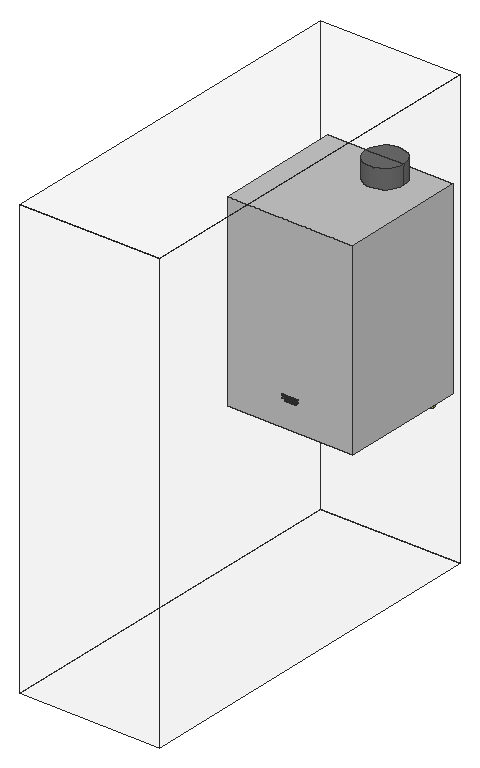
Revit family "Remeha_QuintaAce65_LOD3", category Mechanical Equipment, Revit 2016
Family settings
  Part Type = Normal
  Round Connector Dimension = Use Diameter
  OmniClass Number = 23.75.10.11.14
  OmniClass Title = Hot Water Heat Generators
  Work Plane-Based = No
  Always vertical = Yes
  Cut with Voids When Loaded = Yes
  Shared = No
  Room Calculation Point = No
Parameters (values of type "100/150 Conventional Flue Connection - 100 Connector")
  Weekly = ""
  Water Treatment Required = yes
  Water Content = 6.4 L
  Warranty ID = ""
  Voltage = 230 V
  URL = ""
  Type = "Space heating"
  Turndown Ratio = "5.08:1"
  Text Material = Paint - Black
  Supply Phase = 1
  Starting Current = 0 A
  Sound Pressure Level = "46.7"
  Shipping Weight = 66.50 kg
  Shape = "Rectangular (Vertical)"
  Safety Valve Connection Type = "Unset"
  Safety Valve Connection Size = 0.00 mm
  Responsible Sourcing of Materials = ""
  Responsible Extraction of Materials = ""
  Reference Standard = "GAR 2016/426, BED 92/42/EEC, ErP 2009/125/EC"
  Rated Output = 61500 W
  Rated Criteria = "80/60"
  Quarterly = ""
  Product Range = "Quinta Ace 65"
  Product Model Number = ""
  Product Literature = "https://www.remeha.co.uk/products/wall-hung-range/quinta-ace-30-115"
  Primary Fuel = "Gas - NG"
  Overall Width = 500.00 mm
  Overall Length = 500.00 mm
  Overall Height = 750.00 mm
  Optional Fuel = "LPG"
  Operation and Maintenance Manual = "https://www.remeha.co.uk/products/wall-hung-range/quinta-ace-30-115"
  Oil Consumption rate = 0
  Nominal Oil Inlet Pressure = 0.00000 bar
  Nominal Gas Inlet Pressure = 0.02000 bar
  NOx Emissions = "36"
  Mounting = "Wall Mounted"
  Monthly = ""
  Model = ""
  Minimum Power Consumption = 26 W
  Minimum Operating Pressure = 0.80000 bar
  Minimum Oil Inlet Pressure = 0.00000 bar
  Minimum Gas Inlet Pressure = 0.01700 bar
  Minimum Flow Rate at 20C temperature differential = 0.74 L/s
  Minimum Flow Rate at 11C temperature differential = 1.34 L/s
  Maximum Power Consumption = 89 W
  Maximum Operating Pressure = 4.00000 bar
  Maximum Oil Inlet Pressure = 0.00000 bar
  Maximum Gas Inlet Pressure = 0.02500 bar
  Material Ingredient Reporting = ""
  Manufacturer Website = "www.remeha.co.uk"
  Manufacturer = "Remeha Commercial"
  Maintenance Required 8001 to 12000hrs = ""
  Maintenance Required 601 to 1000hrs = ""
  Maintenance Required 4001 to 8000hrs = ""
  Maintenance Required 301 to 600hrs = ""
  Maintenance Required 2001 to 4000hrs = ""
  Maintenance Required 1001 to 2000hrs = ""
  Maintenance Required 0 to 300hrs = ""
  Location of Manufacturer = ""
  Load Classification = none
  Life Cycle Analysis = ""
  Interlocks = yes
  IfcExportType = "NOTDEFINED"  # constant formula
  IfcExportAs = "IfcBoilerType"  # constant formula
  IP Rating = "X4D"
  IK Rating = "Not Required"
  Hydraulic Resistance at 20C temperature differential = 0.16300 bar
  Hydraulic Resistance at 11C temperature differential = 0.53900 bar
  Heater Operation = "Condensing"
  Heat Exchanger Material = "Aluminium"
  Gross Weight = 62.40 kg
  Green Guide for Specification = ""
  Gas Consumption rate = "6.6"
  Fuse Rating = 2.5 A
  Full Load Current = 0 A
  Fuel Connection Type = "Threaded"
  Fuel Connection Size = 20.00 mm
  Frequency = 50 Hz
  Flue or Air Intake Classification = "B23P,B33,C13,C33,C53,C63,C93"
  Flue Radius = Air Inlet Connection Size / 2  # 75.00 mm
  Flue Connector Size = 100 mm
  Flue Connection size = 100.00 mm
  Flow and Return Connection Type = "Threaded"
  Flow and Return Connection Size = 32.00 mm
  Finish = "High Polish Gardner 60 GRAD 91EH"
  Features = "Remeha's Quinta Pro range are compact high efficiency wall hung condensing boilers. Lighter and more efficienct, their small size make them ideally suited to modular arrangments"
  External Material = "Steel"
  Expected Life = "15"
  ErP Seasonal Efficiency = "94"
  ErP Rated Efficiency at Part Load = "0"
  ErP Rated Efficiency at Full Load = "0"
  ErP Energy Label = "A"
  Environmental Product Declaration = ""
  Energy Technology List = "0"
  Embodied Carbon = ""
  Drain Connection Type = "Unset"
  Drain Connection Size = 25.00 mm
  Description = ""
  Daily = ""
  Control Type = "'0 - 10V, Open Therm, Volt free enable, Direct boiler weather compensating control systems available from Remeha as optional extra's."
  Configuration = "Single boiler"
  Condensate Drain Type = "Plain"
  Condensate Drain Size = 32.00 mm
  Colour = "RAL 9016"
  Clearance Box Visibility [instance] = yes
  Classification.Uniclass.Pr.Number [instance] = "Pr_60_60_08_34"
  Classification.Uniclass.Pr.Description [instance] = "Gas fired Condensing Boilers"
  CE Mark = "0063CS3928"
  Burner Control Type = "Modulating"
  Building Regulations Seasonal Efficiency = "97.58"
  Bespoke Timeframe = ""
  BMS Links = yes
  Annually = "As Per Attached URL O&M Manual"
  Air Inlet Connection Size = 150.00 mm
  Additional Technical Details = "https://www.remeha.co.uk/products/wall-hung-range/quinta-ace-30-115"
  Access Clearance Top = 400.00 mm
  Access Clearance Right = 30.00 mm
  Access Clearance Rear = 0.00 mm
  Access Clearance Left = 30.00 mm
  Access Clearance Front = 1000.00 mm
  Access Clearance Bottom = 600.00 mm
  6 Monthly = ""
Types (2, lengths in mm): name | Flue Connector Size
  100/150 Conventional Flue Connection - 100 Connector | 100
  100/150 Concentric Flue Connection - 150 Connector | 150
Reference planes
  plane 1 "Center (Front/Back)": y = 0
  plane 2: z = 0
  plane 3 "Center (Left/Right)": x = 0
  plane 4: y = -50
  plane 5: y = -75
  plane 6: x = -115
  plane 7: x = 59
  plane 8: x = 119.4
  plane 9: x = 200
  plane 10: x = 250
  plane 11: y = -101
  plane 12: x = -250
  plane 13: y = -500
  plane 14: x = -280
  plane 15: x = 280
  plane 16: y = -1500
  plane 17: y = 0
  plane 18: z = 750
  plane 19: z = 1150
  plane 20: z = -600
  plane 21: z = 824.467
Forms (mm)
  Sweep 1, solid, material "101_240_115"
    path origin (453.507, -50, 3000) x (1, 0, 0) y (0, 0, 1)
      loop
        line (-568.507, -3039.462) -> (-568.507, -3000)
    profile origin (-115, -50, -19.731) x (-1, 0, 0) y (0, -1, 0)
      loop
        circle (0, 0) r 21.2
  Sweep 2, solid
    path origin (453.507, -75, 3000) x (1, 0, 0) y (0, 0, 1)
      loop
        line (-394.507, -3012.462) -> (-394.507, -3000)
    profile origin (59, -75, -6.231) x (-1, 0, 0) y (0, -1, 0)
      loop
        circle (0, 0) r 16.25
  Sweep 3, solid, material "229_0_0"
    path origin (687.907, -50, 3000) x (1, 0, 0) y (0, 0, 1)
      loop
        line (-568.507, -3039.662) -> (-568.507, -3000)
    profile origin (119.4, -50, -19.831) x (-1, 0, 0) y (0, -1, 0)
      loop
        circle (0, 0) r 21.2
  Sweep 4, solid, material "229_229_0"
    path origin (768.507, -50, 3000) x (1, 0, 0) y (0, 0, 1)
      loop
        line (-568.507, -3040) -> (-568.507, -3000)
    profile origin (200, -50, -20) x (-1, 0, 0) y (0, -1, 0)
      loop
        circle (0, 0) r 13.5
  Revolve 5, solid, material "51_51_51"
    sketch origin (453.507, -101, 2990) x (1, 0, 0) y (0, 0, 1)
      loop
        line (-394.507, -2240) -> (-319.507, -2240) -> (-319.507, -2165.533) -> (-394.507, -2165.533) -> (-394.507, -2240)
      axis (-394.507, -2165.533) -> (-394.507, -2240)
    angle from 0 to 360
  Extrusion 6, solid, material "192_192_192"
    sketch origin (0, 5.687, 0) x (1, 0, 0) y (0, 1, 0)
      loop
        line (-250, -5.687) -> (-250, -505.688) -> (250, -505.688) -> (250, -5.687) -> (-250, -5.687)
    from 0 to 750
  Extrusion 7, solid, material "Clearance", visible <- "Clearance Box Visibility"
    sketch origin (0, 0, 0) x (1, 0, 0) y (0, 1, 0)
      loop
        line (-280, 0) -> (-280, -1500) -> (280, -1500) -> (280, 0) -> (-280, 0)
    from -600 to 1150
  Extrusion 8, solid, material "Paint - Black" <- "Text Material"
    sketch origin (0, 0, 0) x (1, 0, 0) y (0, 0, 1)
      loop
        line (-30.625, 120.395) -> (-30.625, 118.213) -> (30.625, 118.213) -> (30.625, 120.395) -> (-30.625, 120.395)
      loop
        line (-30.625, 106.032) -> (30.625, 106.032) -> (30.625, 108.213) -> (-30.625, 108.213) -> (-30.625, 106.032)
      loop
        line (-28.307, 116.676) -> (-28.307, 109.282) -> (-20.805, 109.282) -> (-20.805, 112.183) -> (-19.053, 112.183)
        arc (-19.053, 112.183) -> (-18.314, 111.847) -> (-18.083, 111.068) r 0.979
        arc (-18.083, 111.068) -> (-18.083, 110.157) -> (-17.832, 109.282) r 3.272
        line (-17.832, 109.282) -> (-16.376, 109.282)
        arc (-16.376, 109.282) -> (-16.561, 110.336) -> (-16.618, 111.404) r 8.915
        arc (-16.618, 111.404) -> (-16.885, 112.268) -> (-17.601, 112.822) r 1.5
        arc (-17.601, 112.822) -> (-16.323, 115.034) -> (-18.28, 116.676) r 1.987
        line (-18.28, 116.676) -> (-20.805, 116.676) -> (-28.307, 116.676)
      loop
        line (-20.805, 115.402) -> (-20.805, 113.382) -> (-18.787, 113.382)
        arc (-18.787, 113.382) -> (-18.37, 113.534) -> (-18.148, 113.918) r 0.649
        arc (-18.148, 113.918) -> (-18.033, 114.426) -> (-18.159, 114.93) r 1.124
        arc (-18.159, 114.93) -> (-18.505, 115.276) -> (-18.976, 115.402) r 0.944
        line (-18.976, 115.402) -> (-20.805, 115.402)
      loop
        line (-26.948, 115.402) -> (-26.948, 110.655) -> (-22.202, 110.655) -> (-22.202, 115.402) -> (-26.948, 115.402)
      loop
        line (-9.068, 114.754) -> (-10.47, 114.754) -> (-10.47, 109.282) -> (-8.958, 109.282) -> (-8.958, 112.222)
        arc (-8.958, 112.222) -> (-8.681, 113.022) -> (-7.968, 113.478) r 1.291
        arc (-7.968, 113.478) -> (-7.458, 113.497) -> (-6.98, 113.316) r 1.291
        line (-6.98, 113.316) -> (-6.98, 114.889)
        arc (-6.98, 114.889) -> (-8.226, 114.723) -> (-9.068, 113.79) r 1.823
        line (-9.068, 113.79) -> (-9.068, 114.754)
      loop
        line (-5.139, 111.705) -> (-1.277, 111.705)
        arc (-1.277, 111.705) -> (-3.967, 114.88) -> (-6.562, 111.627) r 2.694
        arc (-6.562, 111.627) -> (-4.23, 109.192) -> (-1.394, 111.016) r 2.651
        line (-1.394, 111.016) -> (-2.704, 111.016)
        arc (-2.704, 111.016) -> (-4.224, 110.293) -> (-5.139, 111.705) r 1.276
      loop
        line (-5.147, 112.62) -> (-2.707, 112.62)
        arc (-2.707, 112.62) -> (-3.927, 113.841) -> (-5.147, 112.62) r 1.22
      loop
        line (1.337, 113.988) -> (1.337, 114.776) -> (-0.066, 114.776) -> (-0.066, 109.389) -> (1.396, 109.389) -> (1.396, 112.819)
        arc (1.396, 112.819) -> (2.357, 113.78) -> (3.318, 112.819) r 0.961
        line (3.318, 112.819) -> (3.318, 109.389) -> (4.781, 109.389) -> (4.781, 112.819)
        arc (4.781, 112.819) -> (5.723, 113.761) -> (6.665, 112.819) r 0.942
        line (6.665, 112.819) -> (6.665, 109.389) -> (8.107, 109.389) -> (8.107, 112.925)
        arc (8.107, 112.925) -> (8.131, 113.503) -> (7.91, 114.038) r 1.349
        arc (7.91, 114.038) -> (6.224, 114.92) -> (4.538, 114.038) r 2.053
        arc (4.538, 114.038) -> (2.923, 114.936) -> (1.337, 113.988) r 1.848
      loop
        line (10.835, 111.705) -> (14.697, 111.705)
        arc (14.697, 111.705) -> (12.007, 114.88) -> (9.413, 111.627) r 2.694
        arc (9.413, 111.627) -> (11.745, 109.192) -> (14.58, 111.016) r 2.651
        line (14.58, 111.016) -> (13.271, 111.016)
        arc (13.271, 111.016) -> (11.751, 110.293) -> (10.835, 111.705) r 1.276
      loop
        line (10.827, 112.62) -> (13.268, 112.62)
        arc (13.268, 112.62) -> (12.048, 113.841) -> (10.827, 112.62) r 1.22
      loop
        line (17.364, 116.805) -> (15.821, 116.805) -> (15.821, 109.416) -> (17.364, 109.416) -> (17.364, 112.62)
        arc (17.364, 112.62) -> (18.386, 113.878) -> (19.408, 112.62) r 1.044
        line (19.408, 112.62) -> (19.408, 109.416) -> (20.934, 109.416) -> (20.934, 113.081)
        arc (20.934, 113.081) -> (19.516, 114.929) -> (17.364, 114.038) r 1.913
        line (17.364, 114.038) -> (17.364, 116.805)
      loop
        line (22.242, 113.094) -> (23.722, 113.094)
        arc (23.722, 113.094) -> (23.883, 113.574) -> (24.311, 113.847) r 0.76
        arc (24.311, 113.847) -> (24.781, 113.923) -> (25.255, 113.868) r 1.739
        arc (25.255, 113.868) -> (25.672, 113.375) -> (25.347, 112.817) r 0.559
        arc (25.347, 112.817) -> (24.586, 112.573) -> (23.79, 112.514) r 3.395
        arc (23.79, 112.514) -> (23.01, 112.359) -> (22.39, 111.862) r 1.672
        arc (22.39, 111.862) -> (22.047, 110.754) -> (22.507, 109.69) r 1.672
        arc (22.507, 109.69) -> (23.456, 109.312) -> (24.477, 109.296) r 2.817
        arc (24.477, 109.296) -> (25.226, 109.546) -> (25.673, 110.197) r 1.24
        arc (25.673, 110.197) -> (25.722, 109.795) -> (25.841, 109.407) r 2.328
        line (25.841, 109.407) -> (27.312, 109.407)
        arc (27.312, 109.407) -> (27.148, 109.949) -> (27.093, 110.512) r 2.901
        line (27.093, 110.512) -> (27.093, 113.568)
        arc (27.093, 113.568) -> (26.736, 114.43) -> (25.874, 114.787) r 1.219
        arc (25.874, 114.787) -> (24.773, 114.91) -> (23.672, 114.787) r 4.994
        arc (23.672, 114.787) -> (22.673, 114.18) -> (22.242, 113.094) r 1.837
      loop
        arc (23.575, 111.229) -> (23.583, 110.746) -> (23.888, 110.371) r 0.737
        arc (23.888, 110.371) -> (24.388, 110.254) -> (24.895, 110.337) r 1.324
        arc (24.895, 110.337) -> (25.433, 110.755) -> (25.637, 111.405) r 1.14
        line (25.637, 111.405) -> (25.637, 112.191)
        arc (25.637, 112.191) -> (25.209, 111.86) -> (24.672, 111.801) r 0.999
        arc (24.672, 111.801) -> (24.028, 111.698) -> (23.575, 111.229) r 1.029
      loop
        line (-14.73, 105.293) -> (-14.73, 102.893)
        arc (-14.73, 102.893) -> (-14.262, 101.761) -> (-13.13, 101.293) r 1.6
        line (-13.13, 101.293) -> (-11.33, 101.293)
        arc (-11.33, 101.293) -> (-10.199, 101.761) -> (-9.73, 102.893) r 1.6
        line (-9.73, 102.893) -> (-9.73, 105.293) -> (-10.73, 105.293) -> (-10.73, 102.893)
        arc (-10.73, 102.893) -> (-10.965, 102.327) -> (-11.53, 102.093) r 0.8
        line (-11.53, 102.093) -> (-12.93, 102.093)
        arc (-12.93, 102.093) -> (-13.496, 102.327) -> (-13.73, 102.893) r 0.8
        line (-13.73, 102.893) -> (-13.73, 105.293) -> (-14.73, 105.293)
      loop
        line (23.957, 105.293) -> (19.757, 105.293) -> (19.757, 101.293) -> (23.957, 101.293) -> (23.957, 102.093) -> (20.757, 102.093) -> (20.757, 102.893) -> (23.957, 102.893) -> (23.957, 103.693) -> (20.757, 103.693) -> (20.757, 104.493) -> (23.957, 104.493) -> (23.957, 105.293)
      loop
        line (14.257, 103.693) -> (14.257, 102.893)
        arc (14.257, 102.893) -> (14.726, 101.761) -> (15.857, 101.293) r 1.6
        line (15.857, 101.293) -> (17.657, 101.293)
        arc (17.657, 101.293) -> (18.789, 101.761) -> (19.257, 102.893) r 1.6
        line (19.257, 102.893) -> (18.257, 102.893)
        arc (18.257, 102.893) -> (18.023, 102.327) -> (17.457, 102.093) r 0.8
        line (17.457, 102.093) -> (16.057, 102.093)
        arc (16.057, 102.093) -> (15.492, 102.327) -> (15.257, 102.893) r 0.8
        line (15.257, 102.893) -> (15.257, 103.693)
        arc (15.257, 103.693) -> (15.492, 104.259) -> (16.057, 104.493) r 0.8
        line (16.057, 104.493) -> (17.457, 104.493)
        arc (17.457, 104.493) -> (18.023, 104.259) -> (18.257, 103.693) r 0.8
        line (18.257, 103.693) -> (19.257, 103.693)
        arc (19.257, 103.693) -> (18.789, 104.824) -> (17.657, 105.293) r 1.6
        line (17.657, 105.293) -> (15.857, 105.293)
        arc (15.857, 105.293) -> (14.726, 104.824) -> (14.257, 103.693) r 1.6
      loop
        line (10.851, 105.293) -> (9.07, 101.293) -> (10.164, 101.293) -> (10.521, 102.093) -> (12.619, 102.093) -> (12.975, 101.293) -> (14.07, 101.293) -> (12.289, 105.293) -> (10.851, 105.293)
      loop
        line (10.877, 102.893) -> (12.263, 102.893) -> (11.57, 104.449) -> (10.877, 102.893)
      loop
        line (-20.23, 103.693) -> (-20.23, 102.893)
        arc (-20.23, 102.893) -> (-19.762, 101.761) -> (-18.63, 101.293) r 1.6
        line (-18.63, 101.293) -> (-16.83, 101.293)
        arc (-16.83, 101.293) -> (-16.428, 101.344) -> (-16.052, 101.495) r 1.6
        line (-16.052, 101.495) -> (-15.593, 100.84) -> (-14.937, 101.299) -> (-15.467, 102.055)
        arc (-15.467, 102.055) -> (-15.291, 102.458) -> (-15.23, 102.893) r 1.6
        line (-15.23, 102.893) -> (-15.23, 103.693)
        arc (-15.23, 103.693) -> (-15.699, 104.824) -> (-16.83, 105.293) r 1.6
        line (-16.83, 105.293) -> (-18.63, 105.293)
        arc (-18.63, 105.293) -> (-19.762, 104.824) -> (-20.23, 103.693) r 1.6
      loop
        line (-19.23, 103.693) -> (-19.23, 102.893)
        arc (-19.23, 102.893) -> (-18.996, 102.327) -> (-18.43, 102.093) r 0.8
        line (-18.43, 102.093) -> (-17.03, 102.093)
        arc (-17.03, 102.093) -> (-16.465, 102.327) -> (-16.23, 102.893) r 0.8
        line (-16.23, 102.893) -> (-16.23, 103.693)
        arc (-16.23, 103.693) -> (-16.465, 104.259) -> (-17.03, 104.493) r 0.8
        line (-17.03, 104.493) -> (-18.43, 104.493)
        arc (-18.43, 104.493) -> (-18.996, 104.259) -> (-19.23, 103.693) r 0.8
      loop
        line (-9.23, 105.293) -> (-9.23, 101.293) -> (-8.23, 101.293) -> (-8.23, 105.293) -> (-9.23, 105.293)
      loop
        line (-7.73, 105.293) -> (-7.73, 101.293) -> (-6.73, 101.293) -> (-6.73, 104.493) -> (-4.405, 101.293) -> (-2.73, 101.293) -> (-2.73, 105.293) -> (-3.73, 105.293) -> (-3.73, 102.093) -> (-6.055, 105.293) -> (-7.73, 105.293)
      loop
        line (-2.23, 105.293) -> (-2.23, 104.493) -> (-0.23, 104.493) -> (-0.23, 101.293) -> (0.77, 101.293) -> (0.77, 104.493) -> (2.77, 104.493) -> (2.77, 105.293) -> (-2.23, 105.293)
      loop
        line (3.851, 105.293) -> (2.07, 101.293) -> (3.164, 101.293) -> (3.521, 102.093) -> (5.619, 102.093) -> (5.975, 101.293) -> (7.07, 101.293) -> (5.289, 105.293) -> (3.851, 105.293)
      loop
        line (3.877, 102.893) -> (5.263, 102.893) -> (4.57, 104.449) -> (3.877, 102.893)
    from 500 to 502
Dimensions and locks
  locked: plane 4 to plane 1 "Center (Front/Back)" at 50
  locked: plane 5 to plane 1 "Center (Front/Back)" at 75
  locked: plane 9 to plane 10 at 50
  locked: plane 8 to plane 10 at 130.6
  locked: plane 7 to plane 10 at 191
  locked: plane 6 to plane 10 at 365
  locked: plane 11 to plane 1 "Center (Front/Back)" at 101
  "Flue Radius": Revolve 5 sketch curve to plane 7
  equal spacing: plane 12, plane 3 "Center (Left/Right)", plane 10
  locked: plane 13 to plane 1 "Center (Front/Back)" at 500
  "Access Clearance Front": plane 16 to plane 13
  "Access Clearance Rear": plane 1 "Center (Front/Back)" to plane 17
  locked: plane 12 to plane 10 at 500
  "Access Clearance Right": plane 10 to plane 15
  "Access Clearance Left": plane 14 to plane 12
  "Overall Height": plane 18 to plane 2
  "Access Clearance Bottom": plane 2 to plane 20
  "Access Clearance Top": plane 19 to plane 18
  locked: plane 21 to plane 18 at 74.467
  plane 3 "Center (Left/Right)" to Extrusion 7 = 280.00 mm
  aligned and locked: level to plane 2
  aligned and locked: plane 6 to Sweep 1 sketch curve
  aligned and locked: profile plane to Sweep 1 sketch curve  (x2)
  aligned and locked: profile plane to Sweep 2 sketch curve  (x2)
  aligned and locked: Sweep 2 sketch curve to plane 7
  aligned and locked: profile plane to Sweep 3 sketch curve  (x2)
  aligned and locked: plane 8 to Sweep 3 sketch curve
  aligned and locked: profile plane to Sweep 4 sketch curve  (x2)
  aligned and locked: plane 9 to Sweep 4 sketch curve
  aligned and locked: Revolve 5 sketch curve to plane 7
  aligned and locked: plane 17 to Extrusion 7 sketch curve
  aligned and locked: plane 14 to Extrusion 7 sketch curve
  aligned and locked: Extrusion 7 sketch curve to plane 15
  aligned and locked: Extrusion 7 sketch curve to plane 16
  aligned and locked: Revolve 5 to plane 21
  aligned and locked: Revolve 5 to plane 18
  aligned and locked: Extrusion 7 to plane 19
  aligned and locked: plane 13 to Extrusion 6 sketch curve
  aligned and locked: Extrusion 6 sketch curve to plane 12
  aligned and locked: plane 10 to Extrusion 6 sketch curve
  aligned and locked: plane 1 "Center (Front/Back)" to Extrusion 6 sketch curve
Automatic sketch dimensions
  Sweep 1 sketch curve to level = 0.00 mm
  Sweep 1 sketch curve to level = 39.462 mm
  Sweep 2 sketch curve to level = 0.00 mm
  Sweep 2 sketch curve to level = 12.462 mm
  Sweep 3 sketch curve to level = 0.00 mm
  Sweep 3 sketch curve to Sweep 3 sketch curve = 39.662 mm
  Sweep 4 sketch curve to level = 0.00 mm
  Sweep 4 sketch curve to Sweep 4 sketch curve = 40.00 mm
  Extrusion 8 sketch curve to Extrusion 8 sketch curve = 0.00 mm  (x35)
  Extrusion 8 sketch curve to plane 3 "Center (Left/Right)" = 30.625 mm
  Extrusion 8 sketch curve to Extrusion 8 sketch curve = 2.318 mm
  Extrusion 8 sketch curve to Extrusion 8 sketch curve = 1.36 mm
  Extrusion 8 sketch curve to Extrusion 8 sketch curve = 4.746 mm
  Extrusion 8 sketch curve to Extrusion 8 sketch curve = 1.397 mm  (x2)
  Extrusion 8 sketch curve to Extrusion 8 sketch curve = 0.575 mm
  Extrusion 8 sketch curve to Extrusion 8 sketch curve = 1.00 mm  (x9)
  Extrusion 8 sketch curve to Extrusion 8 sketch curve = 1.648 mm
  Extrusion 8 sketch curve to Extrusion 8 sketch curve = 1.752 mm
  Extrusion 8 sketch curve to Extrusion 8 sketch curve = 0.18 mm
  Extrusion 8 sketch curve to Extrusion 8 sketch curve = 0.19 mm
  Extrusion 8 sketch curve to Extrusion 8 sketch curve = 0.60 mm  (x9)
  Extrusion 8 sketch curve to Extrusion 8 sketch curve = 0.20 mm  (x10)
  Extrusion 8 sketch curve to Extrusion 8 sketch curve = 0.696 mm
  Extrusion 8 sketch curve to Extrusion 8 sketch curve = 0.935 mm
  Extrusion 8 sketch curve to Extrusion 8 sketch curve = 0.286 mm  (x2)
  Extrusion 8 sketch curve to Extrusion 8 sketch curve = 1.40 mm  (x3)
  Extrusion 8 sketch curve to Extrusion 8 sketch curve = 1.456 mm
  Extrusion 8 sketch curve to Extrusion 8 sketch curve = 0.779 mm
  Extrusion 8 sketch curve to Extrusion 8 sketch curve = 0.459 mm
  Extrusion 8 sketch curve to Extrusion 8 sketch curve = 0.584 mm
  Extrusion 8 sketch curve to Extrusion 8 sketch curve = 0.655 mm
  Extrusion 8 sketch curve to Extrusion 8 sketch curve = 1.533 mm
  Extrusion 8 sketch curve to Extrusion 8 sketch curve = 0.50 mm  (x5)
  Extrusion 8 sketch curve to Extrusion 8 sketch curve = 4.373 mm
  Extrusion 8 sketch curve to Extrusion 8 sketch curve = 1.402 mm
  Extrusion 8 sketch curve to Extrusion 8 sketch curve = 1.512 mm
  Extrusion 8 sketch curve to Extrusion 8 sketch curve = 1.255 mm
  Extrusion 8 sketch curve to Extrusion 8 sketch curve = 0.036 mm
  Extrusion 8 sketch curve to Extrusion 8 sketch curve = 0.29 mm
  Extrusion 8 sketch curve to Extrusion 8 sketch curve = 0.396 mm
  Extrusion 8 sketch curve to Extrusion 8 sketch curve = 0.675 mm  (x2)
  Extrusion 8 sketch curve to Extrusion 8 sketch curve = 1.833 mm
  Extrusion 8 sketch curve to Extrusion 8 sketch curve = 0.008 mm  (x2)
  Extrusion 8 sketch curve to Extrusion 8 sketch curve = 2.325 mm
  Extrusion 8 sketch curve to Extrusion 8 sketch curve = 1.22 mm  (x2)
  Extrusion 8 sketch curve to Extrusion 8 sketch curve = 0.001 mm  (x2)
  Extrusion 8 sketch curve to Extrusion 8 sketch curve = 0.009 mm  (x2)
  Extrusion 8 sketch curve to Extrusion 8 sketch curve = 0.043 mm  (x2)
  Extrusion 8 sketch curve to Extrusion 8 sketch curve = 1.172 mm  (x2)
  Extrusion 8 sketch curve to Extrusion 8 sketch curve = 1.31 mm  (x2)
  Extrusion 8 sketch curve to Extrusion 8 sketch curve = 0.117 mm  (x2)
  Extrusion 8 sketch curve to plane 3 "Center (Left/Right)" = 0.23 mm
  Extrusion 8 sketch curve to plane 3 "Center (Left/Right)" = 0.066 mm
  plane 3 "Center (Left/Right)" to Extrusion 8 sketch curve = 0.77 mm
  plane 3 "Center (Left/Right)" to Extrusion 8 sketch curve = 1.337 mm
  plane 3 "Center (Left/Right)" to Extrusion 8 sketch curve = 1.396 mm
  Extrusion 8 sketch curve to Extrusion 8 sketch curve = 1.30 mm
  Extrusion 8 sketch curve to Extrusion 8 sketch curve = 0.961 mm
  Extrusion 8 sketch curve to Extrusion 8 sketch curve = 2.00 mm  (x2)
  Extrusion 8 sketch curve to Extrusion 8 sketch curve = 0.366 mm
  Extrusion 8 sketch curve to Extrusion 8 sketch curve = 1.095 mm  (x4)
  Extrusion 8 sketch curve to Extrusion 8 sketch curve = 0.356 mm  (x8)
  Extrusion 8 sketch curve to Extrusion 8 sketch curve = 1.081 mm
  Extrusion 8 sketch curve to Extrusion 8 sketch curve = 0.719 mm  (x4)
  Extrusion 8 sketch curve to Extrusion 8 sketch curve = 1.463 mm
  Extrusion 8 sketch curve to Extrusion 8 sketch curve = 1.386 mm  (x2)
  Extrusion 8 sketch curve to Extrusion 8 sketch curve = 0.942 mm
  Extrusion 8 sketch curve to Extrusion 8 sketch curve = 0.441 mm
  Extrusion 8 sketch curve to Extrusion 8 sketch curve = 0.137 mm
  Extrusion 8 sketch curve to Extrusion 8 sketch curve = 1.304 mm
  Extrusion 8 sketch curve to Extrusion 8 sketch curve = 2.721 mm
  Extrusion 8 sketch curve to Extrusion 8 sketch curve = 0.33 mm
  Extrusion 8 sketch curve to Extrusion 8 sketch curve = 1.995 mm  (x2)
  Extrusion 8 sketch curve to Extrusion 8 sketch curve = 2.553 mm
  Extrusion 8 sketch curve to Extrusion 8 sketch curve = 1.542 mm  (x2)
  Extrusion 8 sketch curve to Extrusion 8 sketch curve = 1.022 mm
  Extrusion 8 sketch curve to Extrusion 8 sketch curve = 0.635 mm
  Extrusion 8 sketch curve to Extrusion 8 sketch curve = 0.388 mm
  Extrusion 8 sketch curve to Extrusion 8 sketch curve = 1.50 mm
  Extrusion 8 sketch curve to Extrusion 8 sketch curve = 1.526 mm
  Extrusion 8 sketch curve to Extrusion 8 sketch curve = 1.309 mm
  Extrusion 8 sketch curve to Extrusion 8 sketch curve = 1.474 mm
  Extrusion 8 sketch curve to Extrusion 8 sketch curve = 1.48 mm
  Extrusion 8 sketch curve to Extrusion 8 sketch curve = 0.217 mm
  Extrusion 8 sketch curve to Extrusion 8 sketch curve = 3.20 mm  (x2)
  Extrusion 8 sketch curve to Extrusion 8 sketch curve = 0.355 mm
  Extrusion 8 sketch curve to Extrusion 8 sketch curve = 0.558 mm
  Extrusion 8 sketch curve to Extrusion 8 sketch curve = 0.158 mm
  Extrusion 8 sketch curve to Extrusion 8 sketch curve = 0.205 mm
  Extrusion 8 sketch curve to Extrusion 8 sketch curve = 0.406 mm
  Extrusion 8 sketch curve to Extrusion 8 sketch curve = 0.064 mm
  Extrusion 8 sketch curve to Extrusion 8 sketch curve = 0.024 mm
  Extrusion 8 sketch curve to Extrusion 8 sketch curve = 0.293 mm
  Extrusion 8 sketch curve to Extrusion 8 sketch curve = 0.386 mm
  Extrusion 8 sketch curve to Extrusion 8 sketch curve = 0.353 mm
  Extrusion 8 sketch curve to Extrusion 8 sketch curve = 0.28 mm
  Extrusion 8 sketch curve to Extrusion 8 sketch curve = 0.818 mm
  Extrusion 8 sketch curve to Extrusion 8 sketch curve = 1.068 mm
  Extrusion 8 sketch curve to Extrusion 8 sketch curve = 0.759 mm
  Extrusion 8 sketch curve to Extrusion 8 sketch curve = 1.219 mm
  Extrusion 8 sketch curve to Extrusion 8 sketch curve = 0.219 mm
  Extrusion 8 sketch curve to Extrusion 8 sketch curve = 0.906 mm
  Extrusion 8 sketch curve to Extrusion 8 sketch curve = 4.751 mm
  Extrusion 8 sketch curve to Extrusion 8 sketch curve = 0.631 mm
  level to Extrusion 8 sketch curve = 100.84 mm
  Extrusion 8 sketch curve to Extrusion 8 sketch curve = 0.453 mm  (x3)
  Extrusion 8 sketch curve to Extrusion 8 sketch curve = 0.80 mm  (x16)
  Extrusion 8 sketch curve to Extrusion 8 sketch curve = 1.556 mm  (x2)
  Extrusion 8 sketch curve to Extrusion 8 sketch curve = 2.40 mm  (x2)
  Extrusion 8 sketch curve to Extrusion 8 sketch curve = 0.044 mm
  Extrusion 8 sketch curve to Extrusion 8 sketch curve = 1.60 mm
  Extrusion 8 sketch curve to Extrusion 8 sketch curve = 0.844 mm
  Extrusion 8 sketch curve to Extrusion 8 sketch curve = 2.339 mm
  Extrusion 8 sketch curve to Extrusion 8 sketch curve = 2.181 mm  (x2)
  Extrusion 8 sketch curve to Extrusion 8 sketch curve = 3.989 mm  (x2)
  Extrusion 8 sketch curve to Extrusion 8 sketch curve = 1.069 mm
  Extrusion 8 sketch curve to Extrusion 8 sketch curve = 4.096 mm
  Extrusion 8 sketch curve to Extrusion 8 sketch curve = 4.114 mm
  Extrusion 8 sketch curve to Extrusion 8 sketch curve = 4.124 mm
  Extrusion 8 sketch curve to Extrusion 8 sketch curve = 0.509 mm
  Extrusion 8 sketch curve to Extrusion 8 sketch curve = 0.234 mm
  Extrusion 8 sketch curve to Extrusion 8 sketch curve = 0.62 mm  (x2)
  Extrusion 8 sketch curve to Extrusion 8 sketch curve = 1.331 mm
  Extrusion 8 sketch curve to Extrusion 8 sketch curve = 1.374 mm
  Extrusion 8 sketch curve to Extrusion 8 sketch curve = 0.249 mm
  Extrusion 8 sketch curve to Extrusion 8 sketch curve = 0.059 mm
  Extrusion 8 sketch curve to Extrusion 8 sketch curve = 0.213 mm
  Extrusion 8 sketch curve to Extrusion 8 sketch curve = 1.599 mm
  Extrusion 8 sketch curve to Extrusion 8 sketch curve = 1.627 mm
  Extrusion 8 sketch curve to Extrusion 8 sketch curve = 1.922 mm
  Extrusion 8 sketch curve to Extrusion 8 sketch curve = 2.062 mm
  Extrusion 8 sketch curve to Extrusion 8 sketch curve = 0.346 mm
  Extrusion 8 sketch curve to Extrusion 8 sketch curve = 0.506 mm  (x2)
  Extrusion 8 sketch curve to Extrusion 8 sketch curve = 0.173 mm
  Extrusion 8 sketch curve to Extrusion 8 sketch curve = 0.303 mm  (x2)
  Extrusion 8 sketch curve to Extrusion 8 sketch curve = 0.496 mm
  Extrusion 8 sketch curve to Extrusion 8 sketch curve = 0.979 mm
  Extrusion 8 sketch curve to Extrusion 8 sketch curve = 0.606 mm
  Extrusion 8 sketch curve to Extrusion 8 sketch curve = 0.363 mm  (x2)
  Extrusion 8 sketch curve to Extrusion 8 sketch curve = 0.786 mm
  Extrusion 8 sketch curve to Extrusion 8 sketch curve = 0.879 mm
  Extrusion 8 sketch curve to Extrusion 8 sketch curve = 3.204 mm
  Extrusion 8 sketch curve to Extrusion 8 sketch curve = 0.434 mm  (x2)
  Extrusion 8 sketch curve to Extrusion 8 sketch curve = 0.603 mm
  Extrusion 8 sketch curve to Extrusion 8 sketch curve = 1.192 mm
  Extrusion 8 sketch curve to Extrusion 8 sketch curve = 0.214 mm
  Extrusion 8 sketch curve to Extrusion 8 sketch curve = 0.048 mm
  Extrusion 8 sketch curve to Extrusion 8 sketch curve = 0.106 mm
  Extrusion 8 sketch curve to Extrusion 8 sketch curve = 0.209 mm
  Extrusion 8 sketch curve to Extrusion 8 sketch curve = 0.461 mm
  Extrusion 8 sketch curve to Extrusion 8 sketch curve = 0.269 mm
  Extrusion 8 sketch curve to Extrusion 8 sketch curve = 0.012 mm
  Extrusion 8 sketch curve to Extrusion 8 sketch curve = 0.11 mm
  Extrusion 8 sketch curve to Extrusion 8 sketch curve = 0.206 mm
  Extrusion 8 sketch curve to Extrusion 8 sketch curve = 0.45 mm
  Extrusion 8 sketch curve to Extrusion 8 sketch curve = 0.539 mm
  Extrusion 8 sketch curve to Extrusion 8 sketch curve = 1.198 mm
  Extrusion 8 sketch curve to Extrusion 8 sketch curve = 0.242 mm
  Extrusion 8 sketch curve to Extrusion 8 sketch curve = 1.568 mm
  Extrusion 8 sketch curve to Extrusion 8 sketch curve = 1.169 mm
  Extrusion 8 sketch curve to Extrusion 8 sketch curve = 0.649 mm
  Extrusion 8 sketch curve to Extrusion 8 sketch curve = 0.382 mm
  Extrusion 8 sketch curve to Extrusion 8 sketch curve = 0.046 mm
  Extrusion 8 sketch curve to Extrusion 8 sketch curve = 0.23 mm
  Extrusion 8 sketch curve to Extrusion 8 sketch curve = 0.963 mm
  Extrusion 8 sketch curve to Extrusion 8 sketch curve = 0.788 mm
  Extrusion 8 sketch curve to Extrusion 8 sketch curve = 4.747 mm
  Extrusion 8 sketch curve to Extrusion 8 sketch curve = 1.119 mm
  Extrusion 8 sketch curve to Extrusion 8 sketch curve = 1.274 mm
  Extrusion 8 sketch curve to Extrusion 8 sketch curve = 2.767 mm
  Extrusion 8 sketch curve to Extrusion 8 sketch curve = 4.645 mm
  Extrusion 8 sketch curve to Extrusion 8 sketch curve = 0.121 mm
  Extrusion 8 sketch curve to Extrusion 8 sketch curve = 0.547 mm
  Extrusion 8 sketch curve to Extrusion 8 sketch curve = 0.591 mm
  Extrusion 8 sketch curve to Extrusion 8 sketch curve = 0.243 mm
  Extrusion 8 sketch curve to Extrusion 8 sketch curve = 0.148 mm
  Extrusion 8 sketch curve to Extrusion 8 sketch curve = 1.573 mm
  Extrusion 8 sketch curve to Extrusion 8 sketch curve = 0.141 mm
  Extrusion 8 sketch curve to Extrusion 8 sketch curve = 0.218 mm
  Extrusion 8 sketch curve to Extrusion 8 sketch curve = 0.171 mm
  Extrusion 8 sketch curve to Extrusion 8 sketch curve = 0.172 mm
  Extrusion 8 sketch curve to Extrusion 8 sketch curve = 0.296 mm
  Revolve 5 sketch curve to plane 7 = 0.00 mm
  Revolve 5 sketch curve to plane 18 = 0.00 mm
  Revolve 5 sketch curve to plane 21 = 0.00 mm
  plane 18 to Revolve 5 sketch curve = 33.884 mm
  Revolve 5 sketch curve to plane 19 = 29.116 mm
  radius of Sweep 1 sketch curve = 21.20 mm
  radius of Sweep 2 sketch curve = 16.25 mm
  radius of Sweep 3 sketch curve = 21.20 mm
  radius of Sweep 4 sketch curve = 13.50 mm
Connectors
  piping at (-115, -50, -39.462), diameter 32, driven by "Flow and Return Connection Size"
    settings: on Sweep 1, index 1, connector inside diameter 609.6 mm, connector length 0.00 mm, flow factor 0, pipe flow 0.0 L/s, pressure drop 0.00000 bar, fitting loss kfactor 0, connector angle 0.00°, fixture units 0, engagement length 0.00 mm, angle of deflection 0.00°, flow configuration 1, flow direction 1, fitting loss method 0, system type 20, joint type 0, gender type 0, connector reference index -1, connector utility 0, adjustable connector no, is connector primary yes, connector description "Return"
  piping at (119.4, -50, -39.662), diameter 32, driven by "Flow and Return Connection Size"
    settings: on Sweep 3, index 2, connector inside diameter 609.6 mm, connector length 0.00 mm, flow factor 0, pipe flow 0.0 L/s, pressure drop 0.00000 bar, fitting loss kfactor 0, connector angle 0.00°, fixture units 0, engagement length 0.00 mm, angle of deflection 0.00°, flow configuration 0, flow direction 2, fitting loss method 0, system type 19, joint type 0, gender type 0, connector reference index -1, connector utility 0, adjustable connector no, is connector primary no, connector description "Flow"
  piping at (200, -50, -40), diameter 20, driven by "Fuel Connection Size"
    settings: on Sweep 4, index 3, connector inside diameter 609.6 mm, connector length 0.00 mm, flow factor 0, pipe flow 0.0 L/s, pressure drop 0.00000 bar, fitting loss kfactor 0, connector angle 0.00°, fixture units 0, engagement length 0.00 mm, angle of deflection 0.00°, flow configuration 1, flow direction 1, fitting loss method 0, system type 22, joint type 0, gender type 0, connector reference index -1, connector utility 0, adjustable connector no, is connector primary no, connector description "Fuel"
  piping at (59, -75, -12.462), diameter 25, driven by "Drain Connection Size"
    settings: on Sweep 2, index 4, connector inside diameter 609.6 mm, connector length 0.00 mm, flow factor 0, pipe flow 0.0 L/s, pressure drop 0.00000 bar, fitting loss kfactor 0, connector angle 0.00°, fixture units 0, engagement length 0.00 mm, angle of deflection 0.00°, flow configuration 1, flow direction 2, fitting loss method 0, system type 16, joint type 0, gender type 0, connector reference index -1, connector utility 0, adjustable connector no, is connector primary no, connector description "Drain"
  hvac at (59, -101, 824.467), driven by "Flue Connector Size"
    settings: on Revolve 5, index 5, duct flow 0.0 L/s, flow factor 0, pres drop 0.00000 bar, loss coef 0, conn angle 0.00°, conn width 304.8 mm, conn height 304.8 mm, conn diameter 100 mm, duct sys type 3, conn prof type 0, flow config 0, flow direction 0, loss method 0, conn ref index -1, conn util no, is conn primary yes, conn desc "Flue"
  electrical at (0, 0, 375), driven by "Voltage", driven by "Maximum Power Consumption"
    settings: on Extrusion 6, index 6, voltage 230 V, apparent load 89 VA, apparent load phase1 0 VA, apparent load phase2 0 VA, apparent load phase3 0 VA, power factor 1, load classification "Other", number of poles 1, system type 30, power factor state 1, is connector primary yes, connector utility no, sub classification motor no, connector description ""
